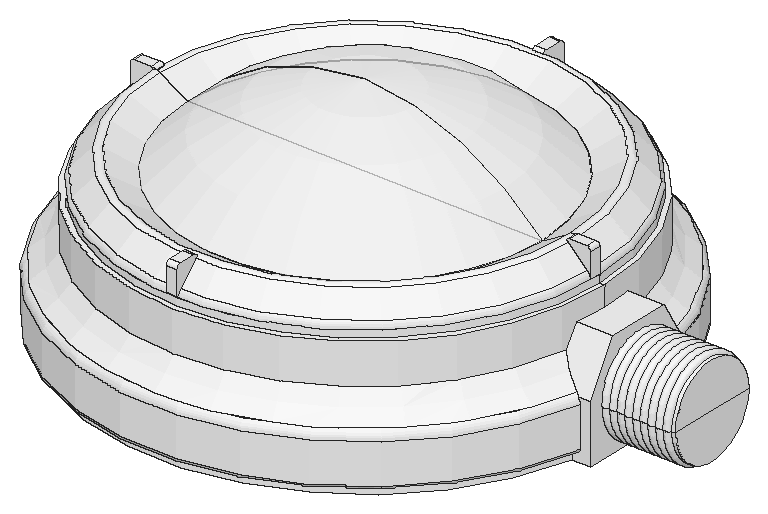
Revit family "1901A_BTWASP", category Communication Devices, host Face, Revit 2014
Parameters (values of type "BTWASP")
  Width = 4.00"
  Warranty = "5-Years Warranty"  # constant formula
  Type Comments = "Occupancy/ Vacancy Sensors and Controllers"  # constant formula
  Product Page URL = "https://www.hubbell.com/hubbellcontrolsolutions/en"
  URL = "https://www.hubbell.com/hubbellcontrolsolutions/en"
  Power Requirements = "Line Voltage sensors: 120/277/347VAC, 60 Hz\r"  # constant formula
  Model = "BTWASP"  # constant formula
  Manufacturer = "Hubbell Control Solutions"  # constant formula
  Sensing Element = Glass - Hubbell - White
  Features = "Wireless programming using HCS ControlHUBB™ Bluetooth app\r\n• ON/OFF and 0-10V dimming control\r\n• Single/Dual motion sensor timer modes\r\n• Multiple daylight harvesting modes for indoor and outdoor applications\r\n• Interchangeable high/low area detection lens options\r\n• Low voltage and line voltage models available\r\n• Daylight sensor for daylight harvesting applications\r\n• Low temperature/water-tight/indoor-outdoor versions"  # constant formula
  Description = "BLUETOOTH® WASP SENSOR OCCUPANCY/VACANCY SENSORS AND CONTROLLERS"  # constant formula
  Default Elevation = 48.00"
  Coverage = "360°, 180°, Aisle, Half Aisle"  # constant formula
  Copyright = "Copyright © 2020 Hubbell Control Solutions"  # constant formula
  Contact Us = "https://www.hubbell.com/hubbellcontrolsolutions/en/contactUs"
  Housing Material = Paint - Hubbell - Matte White
  Certifications = "Conforms with UL STD 508, UL STD 244A\r\n• LWO version conforms to IP65"
  Assembly Code = "D5090"
Reference planes (in)
  plane 1 "Center (Front/Back)": y = 10.63342
  plane 2: z = 0
  plane 3 "Center (Left/Right)": x = 0
  plane 4: x = -2
  plane 5: x = 2
  plane 6: y = 12.63342
  plane 7: y = 8.63342
  plane 8: through (0.87749, -180, 1.95871) normal (0.7071, 0, 0.7071)
  plane 9: z = 1.5
Forms (in)
  Revolve 1, solid, material "Paint - Hubbell - Matte White" <- "Housing Material"
    sketch origin (0, 10.63342, 0) x (1, 0, 0) y (0, 0, 1)
      loop
        line (0, 0) -> (1.93821, 0) -> (1.93821, 0.06683) -> (1.97955, 0.06683)
        arc (1.97955, 0.06683) -> (1.99401, 0.07282) -> (2, 0.08728) r 0.02045
        line (2, 0.08728) -> (2, 0.38388)
        arc (2, 0.38388) -> (1.99014, 0.42292) -> (1.96293, 0.4526) r 0.08223
        arc (1.96293, 0.4526) -> (1.8637, 0.53245) -> (1.78157, 0.6298) r 0.66286
        line (1.78157, 0.6298) -> (1.78157, 0.92962) -> (0, 0.92962) -> (0, 0)
      axis (0, 0.92962) -> (0, 0)
    angle from 0 to 360
  Revolve 2, solid, material "Paint - Hubbell - Matte White" <- "Housing Material"
    sketch origin (0, 10.63342, 0) x (1, 0, 0) y (0, 0, 1)
      loop
        line (0, 0.92962) -> (1.74219, 0.92962) -> (1.74219, 0.98265)
        arc (1.74219, 0.98265) -> (1.73675, 1.01) -> (1.72125, 1.03319) r 0.07147
        line (1.72125, 1.03319) -> (1.5804, 1.17404)
        arc (1.5804, 1.17404) -> (1.55312, 1.1875) -> (1.52328, 1.18156) r 0.04732
        line (1.52328, 1.18156) -> (1.31627, 1.06204) -> (0, 1.06204) -> (0, 0.92962)
      axis (0, 1.18156) -> (0, 0.92962)
    angle from 0 to 360
  Revolve 3, solid, material "Glass - Hubbell - White" <- "Sensing Element"
    sketch origin (0, 10.63342, 0) x (1, 0, 0) y (0, 0, 1)
      loop
        line (0, 1.05919) -> (1.31627, 1.05919)
        arc (1.31627, 1.05919) -> (0.72014, 1.49838) -> (0, 1.67058) r 1.86237
        line (0, 1.67058) -> (0, 1.05919)
      axis (0, 1.67058) -> (0, 1.05919)
    angle from 0 to 360
  Extrusion 4, solid, material "Paint - Hubbell - Matte White" <- "Housing Material"
    sketch origin (0, 10.63342, 0) x (1, 0, 0) y (0, 0, 1)
      loop
        arc (1.74157, 1.16813) -> (1.73241, 1.19025) -> (1.71028, 1.19941) r 0.03129
        line (1.71028, 1.19941) -> (1.5858, 1.19941)
        arc (1.5858, 1.19941) -> (1.56688, 1.19348) -> (1.55474, 1.17781) r 0.03314
        line (1.55474, 1.17781) -> (1.74157, 0.99097) -> (1.74157, 1.16813)
    from 0.08 to 0
  Extrusion 5, solid, material "Paint - Hubbell - Matte White" <- "Housing Material"
    sketch origin (0, 10.63342, 0) x (0, -1, 0) y (0, 0, 1)
      loop
        arc (1.74157, 1.16813) -> (1.73241, 1.19025) -> (1.71028, 1.19941) r 0.03129
        line (1.71028, 1.19941) -> (1.5858, 1.19941)
        arc (1.5858, 1.19941) -> (1.56688, 1.19348) -> (1.55474, 1.17781) r 0.03314
        line (1.55474, 1.17781) -> (1.74157, 0.99097) -> (1.74157, 1.16813)
    from 0.08 to 0
  Extrusion 6, solid, material "Paint - Hubbell - Matte White" <- "Housing Material"
    sketch origin (0, 10.63342, 0) x (-1, 0, 0) y (0, 0, 1)
      loop
        arc (1.74157, 1.16813) -> (1.73241, 1.19025) -> (1.71028, 1.19941) r 0.03129
        line (1.71028, 1.19941) -> (1.5858, 1.19941)
        arc (1.5858, 1.19941) -> (1.56688, 1.19348) -> (1.55474, 1.17781) r 0.03314
        line (1.55474, 1.17781) -> (1.74157, 0.99097) -> (1.74157, 1.16813)
    from 0.08 to 0
  Extrusion 7, solid, material "Paint - Hubbell - Matte White" <- "Housing Material"
    sketch origin (0, 10.63342, 0) x (0, 1, 0) y (0, 0, 1)
      loop
        arc (1.74157, 1.16813) -> (1.73241, 1.19025) -> (1.71028, 1.19941) r 0.03129
        line (1.71028, 1.19941) -> (1.5858, 1.19941)
        arc (1.5858, 1.19941) -> (1.56688, 1.19348) -> (1.55474, 1.17781) r 0.03314
        line (1.55474, 1.17781) -> (1.74157, 0.99097) -> (1.74157, 1.16813)
    from 0.08 to 0
  Revolve 8, solid, material "Paint - Hubbell - Matte White" <- "Housing Material"
    sketch origin (0, 0, 0.3715) x (1, 0, 0) y (0, 1, 0)
      loop
        line (1.87711, 10.63342) -> (2.57516, 10.63342) -> (2.57516, 10.97085) -> (2.54324, 10.97085)
        arc (2.54324, 10.97085) -> (2.51484, 10.99281) -> (2.48643, 10.97085) r 0.02935
        arc (2.48643, 10.97085) -> (2.45802, 10.99281) -> (2.42962, 10.97085) r 0.02935
        arc (2.42962, 10.97085) -> (2.40121, 10.99281) -> (2.3728, 10.97085) r 0.02935
        arc (2.3728, 10.97085) -> (2.34439, 10.99281) -> (2.31599, 10.97085) r 0.02935
        arc (2.31599, 10.97085) -> (2.28758, 10.99281) -> (2.25917, 10.97085) r 0.02935
        arc (2.25917, 10.97085) -> (2.23076, 10.99281) -> (2.20236, 10.97085) r 0.02935
        arc (2.20236, 10.97085) -> (2.17395, 10.99281) -> (2.14554, 10.97085) r 0.02935
        arc (2.14554, 10.97085) -> (2.11714, 10.99281) -> (2.08873, 10.97085) r 0.02935
        arc (2.08873, 10.97085) -> (2.06032, 10.99281) -> (2.03191, 10.97085) r 0.02935
        line (2.03191, 10.97085) -> (1.87711, 10.97085) -> (1.87711, 10.63342)
      axis (1.87711, 10.63342) -> (2.57516, 10.63342)
    angle from 0 to 360
  Extrusion 9, solid, material "Paint - Hubbell - Matte White" <- "Housing Material"
    sketch origin (0, 0, 0) x (0, 1, 0) y (0, 0, 1)
      loop
        line (10.19107, 0) -> (11.06955, 0) -> (11.06955, 0.43127) -> (10.8661, 0.78366) -> (10.39452, 0.78366) -> (10.19107, 0.43127) -> (10.19107, 0)
    from 2.03191 to 1.74157
Cuts and joins
  joined: Revolve 1, Revolve 8, Extrusion 9
Dimensions and locks (in)
  "Width": plane 4 to plane 5
  "Width": plane 7 to plane 6
  equal spacing: plane 4, plane 3 "Center (Left/Right)", plane 5
  equal spacing: plane 7, plane 1 "Center (Front/Back)", plane 6
  plane 9 to plane 2 = 1.50"
  plane 4 to plane 5 = 4.00"
  aligned and locked: plane 2 to host face
  aligned and locked: level to host face
Automatic sketch dimensions
  host sketch curve to host sketch curve = 96.00"  (x2)
  Revolve 1 sketch curve to plane 3 "Center (Left/Right)" = 0.00"  (x2)
  Revolve 1 sketch curve to level = 0.00"
  Revolve 1 sketch curve to plane 5 = 0.00"
  Revolve 1 sketch curve to plane 5 = 0.21843"
  Revolve 1 sketch curve to plane 5 = 0.08223"
  Revolve 1 sketch curve to plane 5 = 0.06179"
  Revolve 1 sketch curve to plane 5 = 0.02045"
  plane 5 to Revolve 1 sketch curve = 0.32694"
  level to Revolve 1 sketch curve = 0.06683"
  Revolve 1 sketch curve to Revolve 1 sketch curve = 0.2966"
  Revolve 1 sketch curve to Revolve 1 sketch curve = 0.24592"
  plane 9 to Revolve 1 sketch curve = 0.57038"
  plane 9 to Revolve 1 sketch curve = 0.49344"
  Revolve 1 sketch curve to Revolve 1 sketch curve = 1.25"
  Revolve 1 sketch curve to plane 9 = 2.25"
  Revolve 2 sketch curve to plane 3 "Center (Left/Right)" = 0.00"  (x2)
  Revolve 2 sketch curve to plane 5 = 0.68373"
  Revolve 2 sketch curve to Revolve 2 sketch curve = 0.20701"
  Revolve 2 sketch curve to Revolve 2 sketch curve = 0.02366"
  Revolve 2 sketch curve to Revolve 2 sketch curve = 0.03346"  (x2)
  Revolve 2 sketch curve to Revolve 2 sketch curve = 0.12378"
  Revolve 2 sketch curve to Revolve 2 sketch curve = 0.05054"
  Revolve 2 sketch curve to Revolve 2 sketch curve = 0.07147"
  plane 9 to Revolve 2 sketch curve = 0.57038"
  Revolve 2 sketch curve to Revolve 2 sketch curve = 0.05302"
  Revolve 2 sketch curve to Revolve 2 sketch curve = 0.13242"
  Revolve 2 sketch curve to Revolve 2 sketch curve = 0.15794"
  Revolve 2 sketch curve to level = 0.4412"
  Revolve 2 sketch curve to plane 9 = 0.66233"
  Revolve 3 sketch curve to plane 3 "Center (Left/Right)" = 0.00"  (x2)
  Revolve 3 sketch curve to plane 3 "Center (Left/Right)" = 0.0644"
  plane 9 to Revolve 3 sketch curve = 0.44081"
  Revolve 3 sketch curve to plane 5 = 0.68373"
  Revolve 3 sketch curve to level = 0.19068"
  Revolve 3 sketch curve to Revolve 3 sketch curve = 0.2765"
  Revolve 3 sketch curve to Revolve 3 sketch curve = 0.11212"
  Extrusion 4 sketch curve to plane 5 = 0.44526"
  Extrusion 4 sketch curve to Extrusion 4 sketch curve = 0.03107"
  Extrusion 4 sketch curve to Extrusion 4 sketch curve = 0.12448"
  Extrusion 4 sketch curve to Extrusion 4 sketch curve = 0.03129"
  plane 9 to Extrusion 4 sketch curve = 0.50903"
  Extrusion 4 sketch curve to Extrusion 4 sketch curve = 0.1753"
  Extrusion 4 sketch curve to Extrusion 4 sketch curve = 0.00185"
  Extrusion 5 sketch curve to plane 7 = 0.44526"
  Extrusion 5 sketch curve to Extrusion 5 sketch curve = 0.03107"
  Extrusion 5 sketch curve to Extrusion 5 sketch curve = 0.12448"
  Extrusion 5 sketch curve to Extrusion 5 sketch curve = 0.03129"
  plane 9 to Extrusion 5 sketch curve = 0.50903"
  Extrusion 5 sketch curve to Extrusion 5 sketch curve = 0.1753"
  Extrusion 5 sketch curve to Extrusion 5 sketch curve = 0.00185"
  plane 4 to Extrusion 6 sketch curve = 0.44526"
  Extrusion 6 sketch curve to Extrusion 6 sketch curve = 0.03107"
  Extrusion 6 sketch curve to Extrusion 6 sketch curve = 0.12448"
  Extrusion 6 sketch curve to Extrusion 6 sketch curve = 0.03129"
  plane 9 to Extrusion 6 sketch curve = 0.50903"
  Extrusion 6 sketch curve to Extrusion 6 sketch curve = 0.1753"
  Extrusion 6 sketch curve to Extrusion 6 sketch curve = 0.00185"
  plane 6 to Extrusion 7 sketch curve = 0.44526"
  Extrusion 7 sketch curve to Extrusion 7 sketch curve = 0.03107"
  Extrusion 7 sketch curve to Extrusion 7 sketch curve = 0.12448"
  Extrusion 7 sketch curve to Extrusion 7 sketch curve = 0.03129"
  plane 9 to Extrusion 7 sketch curve = 0.50903"
  Extrusion 7 sketch curve to Extrusion 7 sketch curve = 0.1753"
  Extrusion 7 sketch curve to Extrusion 7 sketch curve = 0.00185"
  plane 1 "Center (Front/Back)" to Revolve 8 sketch curve = 0.00"  (x2)
  Revolve 8 sketch curve to plane 5 = 0.12289"
  plane 5 to Revolve 8 sketch curve = 0.03191"
  Revolve 8 sketch curve to Revolve 8 sketch curve = 0.02841"  (x9)
  Revolve 8 sketch curve to Revolve 8 sketch curve = 0.05681"  (x8)
  Revolve 8 sketch curve to Revolve 8 sketch curve = 0.03191"
  Revolve 8 sketch curve to plane 1 "Center (Front/Back)" = 0.33004"  (x2)
  Revolve 8 sketch curve to Revolve 8 sketch curve = 0.00"  (x7)
  Revolve 8 sketch curve to Revolve 8 sketch curve = 0.00738"  (x2)
  Revolve 8 sketch curve to Revolve 8 sketch curve = 0.0611"
  Revolve 8 sketch curve to Revolve 8 sketch curve = 1.36305"
  Extrusion 9 sketch curve to level = 0.00"
  plane 1 "Center (Front/Back)" to Extrusion 9 sketch curve = 0.44235"
  plane 1 "Center (Front/Back)" to Extrusion 9 sketch curve = 0.2389"
  Extrusion 9 sketch curve to plane 1 "Center (Front/Back)" = 0.23268"
  Extrusion 9 sketch curve to plane 1 "Center (Front/Back)" = 0.43613"
  Extrusion 9 sketch curve to Extrusion 9 sketch curve = 0.43127"
  level to Extrusion 9 sketch curve = 0.43127"
  Extrusion 9 sketch curve to Extrusion 9 sketch curve = 0.3524"
Connectors (in)
  electrical at (0, 10.63342, 0)
    settings: on Revolve 1, index 1, voltage 0 V, apparent load 0 VA, apparent load phase1 0 VA, apparent load phase2 0 VA, apparent load phase3 0 VA, power factor 1, load classification "Other", number of poles 1, system type 13, power factor state 1, is connector primary yes, connector utility no, sub classification motor no, connector description "OCCUPANCY/VACANCY SENSORS AND CONTROLLERS"
